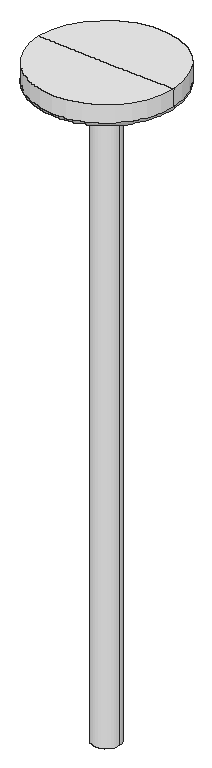
Revit family "Shower_Arm-GROHE-Rainshower-28492_Series", category Plumbing Fixtures, Revit 2014
Parameters (values of type "28492000")
  cUPC Compliant = yes
  Waste Connection = no
  Warranty Documentation Link = "https://cdn.cloud.grohe.com/tpi/1000/1900/1940/1949/1949006/original/1949006.pdf"
  WFU = 4  # constant formula
  Vent Connection = no
  URL = "https://www.grohe.us/"
  Tempered Connection Radius = Tempered Connection Diameter / 2  # 1/4"
  Tempered Connection Diameter = Hot Water Connection Diameter  # 1/2"
  Product Page URL = "https://www.grohe.us/en_us/rainshower-12-ceiling-shower-arm-28492000.html"
  Price = "Prices may vary. Please consult Manufacturer Representative for most up-to-date price list."  # constant formula
  Model = "28492000"
  Material = "Metal-Grohe-000-Chrome"
  Manufacturer = "Grohe"
  Installation Type = "Ceiling-Mount"  # constant formula
  Hot Water Connection Radius = Hot Water Connection Diameter / 2  # 1/4"
  Hot Water Connection Diameter = Cold Water Connection Diameter  # 1/2"
  Height = 11 9/16"  # constant formula
  HWFU = 3  # constant formula
  HW Connection = yes
  Flow Rate = "2.0 gpm (7.6 L/min)"
  Finish = Metal-Grohe-000-Chrome
  Description = "Rainshower®"  # constant formula
  Default Elevation = 0"
  Creation Date = "2017/04/04"  # constant formula
  Cold Water Connection Radius = Cold Water Connection Diameter / 2  # 1/4"
  Cold Water Connection Diameter = 1/2"  # constant formula
  CalGreen Compliant = yes
  CWFU = 3  # constant formula
  CW Connection = yes
  Assembly Code = "D2010710"
Types (7): name | Product Page URL | Model | Material | Finish
  (no name) | "https://www.grohe.us/en_us/rainshower-12-ceiling-shower-arm-28492000.html" | "28492000" | "Metal-Grohe-000-Chrome" | Metal-Grohe-000-Chrome
  28492000 | "https://www.grohe.us/en_us/rainshower-12-ceiling-shower-arm-28492000.html" | "28492000" | "Metal-Grohe-000-Chrome" | Metal-Grohe-000-Chrome
  28492EN0 | "https://www.grohe.us/en_us/rainshower-12-ceiling-shower-arm-28492EN0.html" | "28492EN0" | "Metal-Grohe-EN0-Brushed Nickel" | Metal-Grohe-EN0-Brushed Nickel
  28492BE0 | "https://www.grohe.us/en_us/rainshower-12-ceiling-shower-arm-28492BE0.html" | "28492BE0" | "Metal-Grohe-BE0-Nickel" | Metal-Grohe-BE0-Nickel
  28492ZB0 | "https://www.grohe.us/en_us/rainshower-12-ceiling-shower-arm-28492ZB0.html" | "28492ZB0" | "Metal-Grohe-ZB0-Oil Rubbed Bronze" | Metal-Grohe-ZB0-Oil Rubbed Bronze
  28492LS0 | "https://www.grohe.us/en_us/rainshower-12-ceiling-shower-arm-28492LS0.html" | "28492LS0" | "Metal-Grohe-LS0-Moon White" | Metal-Grohe-LS0-Moon White
  28492AV0 | "https://www.grohe.us/en_us/rainshower-12-ceiling-shower-arm-28492AV0.html" | "28492AV0" | "Metal-Grohe-AV0-Satin Nickel" | Metal-Grohe-AV0-Satin Nickel
Reference planes (in)
  plane 1 "Center (Front/Back)": y = 0
  plane 2: z = 0
  plane 3 "Center (Left/Right)": x = 0
  plane 4: z = -11.5625
  plane 5: x = -1.28125
  plane 6: x = 1.28125
  plane 7: z = -0.375
  plane 8: x = -0.25
  plane 9: x = 0.25
Forms (in)
  Revolve 1, solid, material "Metal-Grohe-000-Chrome" <- "Finish"
    sketch origin (0, 0, 0) x (1, 0, 0) y (0, 0, 1)
      loop
        line (-1.28125, 0) -> (-1.28125, -0.3153)
        arc (-1.28125, -0.3153) -> (-1.26377, -0.35752) -> (-1.22155, -0.375) r 0.0597
        line (-1.22155, -0.375) -> (-0.25, -0.375) -> (-0.25, -11.5625) -> (0, -11.5625) -> (0, 0) -> (-1.28125, 0)
      axis (0, 0) -> (0, -11.5625)
    angle from 0 to 360
Lines and regions (in)
  Masking region 1
    outline origin (0, 0, 0) x (1, 0, 0) y (0, 1, 0)
      loop
        circle (0, 0) r 1.28125
Dimensions and locks (in)
  "Height": level to plane 4
Automatic sketch dimensions
  plane 5 to Revolve 1 sketch curve = 0"
  Revolve 1 sketch curve to plane 7 = 0"
  Revolve 1 sketch curve to plane 8 = 0"
  Revolve 1 sketch curve to level = 0"
  Revolve 1 sketch curve to plane 3 "Center (Left/Right)" = 0"  (x2)
  Revolve 1 sketch curve to plane 4 = 0"
  Revolve 1 sketch curve to Revolve 1 sketch curve = 0.0597"
  Revolve 1 sketch curve to Revolve 1 sketch curve = 3"
  Revolve 1 sketch curve to Revolve 1 sketch curve = 1/2"
  plane 1 "Center (Front/Back)" to Masking region 1 sketch curve = 0"
  Masking region 1 sketch curve to plane 3 "Center (Left/Right)" = 0"
  radius of Masking region 1 sketch curve = 1 9/32"
Connectors (in)
  piping at (0, 0, 0), diameter 0.5, driven by "Tempered Connection Diameter"
    settings: on Revolve 1, index 1, connector inside diameter 24", connector length 0", flow factor 0, pipe flow 0 GPM, pressure drop 0.00 psi, fitting loss kfactor 0, connector angle 0.00°, fixture units 0, engagement length 0", angle of deflection 0.00°, flow configuration 0, flow direction 1, fitting loss method 0, system type 29, joint type 0, gender type 0, connector reference index -1, connector utility 0, adjustable connector no, is connector primary yes, connector description "1/2\" NPT Supply Inlet"
